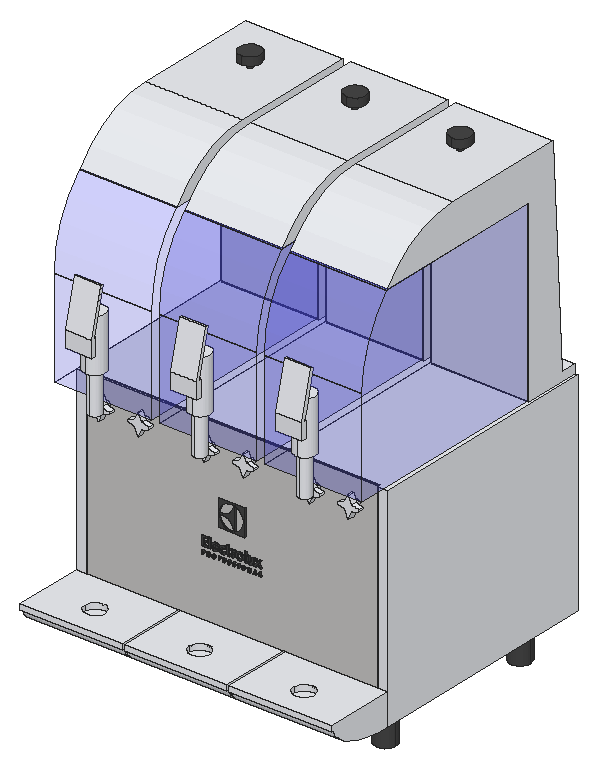
Revit family "QF_ELECTROLUXPROFESSIONAL_562530_IPRO3MLR290", category Attrezzature speciali, Revit 2020
Family settings
  Quota connettore circolare = Usa diametro
  Tipo di parte = Normale
  Basato su piano di lavoro = No
  Sempre verticale = Sì
  Taglio con vuoti quando caricato = No
  Condiviso = No
  Punto di calcolo locali = No
Parameters (values of type "Standard")
  Weight = 82.00 kg
  Watts = 1400 W
  Volts = 220 V
  URL Manufacturer = "https://www.electroluxprofessional.com/"
  URL = "https://www.electroluxprofessional.com/"
  Steam Supply Size = 0 mm
  Steam Supply Minimum Pressure = 0.0 Pa
  Steam Supply Maximum Pressure = 0.0 Pa
  Steam Consumption per Hour = 0
  Show Logo [instance] = yes
  Show Clearance [instance] = yes
  Refrigeration Suction Line Size = 0 mm
  Refrigeration Liquid Line Size = 0 mm
  Refrigerant Compressor Remote = yes
  Prospetto di default = 0 mm
  Produttore = "Electrolux Professional"
  Phase = 1
  Modello = "IPRO3MLR290"
  Length Actual = 600 mm  # constant formula
  Item Number = "562530"
  Hot Water Size = 0 mm
  Height Actual = 870 mm  # constant formula
  HP = "1.9 HP"
  Gas Size = 0 mm
  Gas KW = 0
  Gas Input Pressure = 0 W
  Direct Waste Size = 0 mm
  Descrizione = "3X11 LT BOWL - FROZEN GRANITA DISPENSER - MECHANICAL CONTROL & LIGHTED PANEL - 3 INSULATED BOWLS - WHITE, R290"
  Depth Actual = 580 mm  # constant formula
  Cycle = 50 Hz
  Condensate Return Size = 0 mm
  Compressed Air Volume = 0.0 L/s
  Compressed Air Size = 0 mm
  Compressed Air Pressure = 0.0 Pa
  Cold Water Size = 0 mm
  Accessory = yes
Reference planes
  plane 1: z = 0
  plane 2 "LEFT": x = -300
  plane 3 "BACK": y = 282.5
  plane 4 "FRONT": y = -301.5
  plane 5: z = 873
  plane 6 "RIGHT": x = 300
  plane 7: y = -282.5
  plane 8: z = 445
  plane 9: z = 677.97
  plane 10: z = 110
  plane 11: z = 900
  plane 12: x = -0.5
  plane 13: x = -0.5
Forms (mm)
  Extrusion 1, solid, material "QF_Finishes_White"
    sketch origin (0, 0, 0) x (1, 0, 0) y (0, 1, 0)
      loop
        line (-296.5, 282.5) -> (-296.5, -167.5) -> (-276.5, -167.5) -> (-276.5, -162.5) -> (276.5, -162.5) -> (276.5, -167.5) -> (296.5, -167.5) -> (296.5, 282.5) -> (-296.5, 282.5)
    from 50 to 453
  Extrusion 2, solid, material "QF_Finishes_Stainless Steel"
    sketch origin (0, 0, 0) x (1, 0, 0) y (0, 1, 0)
      loop
        line (276, -163) -> (-276, -163) -> (-276, -167.5) -> (276, -167.5) -> (276, -163)
    from 110 to 453
  Extrusion 3, solid, material "QF_Finishes_Stainless Steel"
    sketch origin (-151.596, -267.273, 48) x (0, -1, 0) y (1, 0, 0)
      loop
        line (-163.023, 407.596) -> (-163.023, 427.596) -> (-183.023, 427.596) -> (-183.023, 407.596) -> (-163.023, 407.596)
    from 0 to 2
Dimensions and locks
  plane 3 "BACK" to plane 4 "FRONT" = 584 mm  (x2)
  plane 5 to level = 873 mm  (x2)
  plane 2 "LEFT" to plane 6 "RIGHT" = 600 mm
  plane 3 "BACK" to plane 7 = 565 mm
  plane 9 to plane 8 = 232.97 mm
  level to plane 11 = 900 mm
  plane 10 to level = 110 mm
  plane 8 to plane 10 = 335 mm
  plane 6 "RIGHT" to plane 2 "LEFT" = 600 mm
  plane 2 "LEFT" to plane 12 = 299.5 mm
  plane 2 "LEFT" to plane 13 = 299.5 mm
  nested 5 to nested 9 = 200 mm
  nested 9 to nested 17 = 200 mm
  aligned and locked: level to plane 1
Nested families
  nested 1: "BOCCHETTONE BEVERAGE" at (-200.5, -260.625, 445), type "BOCCHETTONE BEVERAGE"
  nested 2: "MANOPOLA BEVERAGE" at (-238, -167.5, 413) x (0, 0, 1) z (0, -1, 0), type "MANOPOLA BEVERAGE"
  nested 3: "MANOPOLA BEVERAGE" at (-163, -167.5, 413) x (0, 0, 1) z (0, -1, 0), type "MANOPOLA BEVERAGE"
  nested 4: "MANOPOLA APERTURA BEVERAGE " at (-200.5, 125, 873) x (0, 1, 0) z (0, 0, 1), type "MANOPOLA APERTURA BEVERAGE "
  nested 5: "PORTAGRANITE BEVERAGE" at (-200.5, 28.972, 453), type "PORTAGRANITE BEVERAGE"
  nested 6: "VASCHETTA BEVERAGE" at (-199.25, -167.5, 80) x (1, 0, 0) z (0, -1, 0), type "VASCHETTA BEVERAGE"
  nested 7: "VASCHETTA BEVERAGE" at (-0.5, -167.5, 80) x (-1, 0, 0) z (0, -1, 0), type "VASCHETTA BEVERAGE"
  nested 8: "MANOPOLA APERTURA BEVERAGE " at (-0.5, 125, 873) x (0, 1, 0) z (0, 0, 1), type "MANOPOLA APERTURA BEVERAGE "
  nested 9: "PORTAGRANITE BEVERAGE" at (-0.5, 28.972, 453) x (-1, 0, 0) z (0, 0, 1), type "PORTAGRANITE BEVERAGE"
  nested 10: "BOCCHETTONE BEVERAGE" at (-0.5, -260.625, 445), type "BOCCHETTONE BEVERAGE"
  nested 11: "MANOPOLA BEVERAGE" at (-38, -167.5, 413) x (0, 0, 1) z (0, -1, 0), type "MANOPOLA BEVERAGE"
  nested 12: "MANOPOLA BEVERAGE" at (37, -167.5, 413) x (0, 0, 1) z (0, -1, 0), type "MANOPOLA BEVERAGE"
  nested 13: "BOCCHETTONE BEVERAGE" at (199.5, -260.625, 445) x (-1, 0, 0) z (0, 0, 1), type "BOCCHETTONE BEVERAGE"
  nested 14: "MANOPOLA BEVERAGE" at (237, -167.5, 413) x (0, 0, 1) z (0, -1, 0), type "MANOPOLA BEVERAGE"
  nested 15: "MANOPOLA BEVERAGE" at (162, -167.5, 413) x (0, 0, 1) z (0, -1, 0), type "MANOPOLA BEVERAGE"
  nested 16: "MANOPOLA APERTURA BEVERAGE " at (199.5, 125, 873) x (0, 1, 0) z (0, 0, 1), type "MANOPOLA APERTURA BEVERAGE "
  nested 17: "PORTAGRANITE BEVERAGE" at (199.5, 28.972, 453) x (-1, 0, 0) z (0, 0, 1), type "PORTAGRANITE BEVERAGE"
  nested 18: "VASCHETTA BEVERAGE" at (198.25, -167.5, 80) x (-1, 0, 0) z (0, -1, 0), type "VASCHETTA BEVERAGE"
  nested 19: "ELXP_LOGO_ONLY_MEDIUM" at (-0.5, -167.5, 303) x (1, 0, 0) z (0, -1, 0), Show Logo <- "Show Logo", visible <- "Show Logo", type "ELXP_LOGO_ONLY_MEDIUM"
    with Show Logo yes
  nested 20: "ELX_LOGO_WORDS_MEDIUM" at (-0.5, -167.5, 238) x (1, 0, 0) z (0, -1, 0), visible <- "Show Logo", Show Logo <- "Show Logo", type "ELX_LOGO_WORDS_MEDIUM"
    with Show Logo yes
  nested 21: "Piedino 50x40 BEVERAGE" at (-266, 184.5, 0), type "Piedino 50x40 BEVERAGE"
    with H 150 mm
  nested 22: "Piedino 50x40 BEVERAGE" at (-266, -135.5, 0), type "Piedino 50x40 BEVERAGE"
    with H 150 mm
  nested 23: "Piedino 50x40 BEVERAGE" at (266, 184.5, 0), type "Piedino 50x40 BEVERAGE"
    with H 150 mm
  nested 24: "Piedino 50x40 BEVERAGE" at (266, -135.5, 0), type "Piedino 50x40 BEVERAGE"
    with H 150 mm
Connectors
  electrical at (266, -94.25, 48), driven by "Volts"
    settings: on Extrusion 3, index 73, voltage 220 V, apparent load 0 VA, apparent load phase1 0 VA, apparent load phase2 0 VA, apparent load phase3 0 VA, power factor 1, load classification "Altro", number of poles 1, system type 30, power factor state 1, is connector primary yes, connector utility no, sub classification motor no, connector description "Electrical Connection"
Definition of nested family "BOCCHETTONE BEVERAGE"
  Parameters (values of type "BOCCHETTONE BEVERAGE")
    Default Elevation = 1219.2 mm
  Reference planes
    plane 1 "Centro (Fronte/Retro)": y = 0
    plane 2: z = 0
    plane 3 "Centro (Sinistra/Destra)": x = 0
    plane 4: z = 233
    plane 5: y = -22
  Forms (mm)
    Extrusion 1, solid
      sketch origin (0, 0, 0) x (1, 0, 0) y (0, 1, 0)
        loop
          line (-1219.2, 1219.2) -> (-1219.2, -1219.2) -> (1219.2, -1219.2) -> (1219.2, 1219.2) -> (-1219.2, 1219.2)
      from 0 to -304.8
    Extrusion 2, solid
      sketch origin (0, 15.961, 0) x (0, -1, 0) y (1, 0, 0)
        loop
          circle (0, 0) r 12
      from 0 to 75
    Extrusion 3, solid
      sketch origin (0, 15.961, 75) x (0, -1, 0) y (1, 0, 0)
        loop
          circle (0, 0) r 20
      from 0 to 100
    Extrusion 4, void
      sketch origin (0, 0, 0) x (1, 0, 0) y (0, 1, 0)
        loop
          line (-27.179, -16.141) -> (-21.226, -10.188) -> (-6.226, -10.188) -> (-6.226, 12.684) -> (-27.179, 12.684) -> (-27.179, -16.141)
        loop
          line (27.179, -16.141) -> (27.179, 12.684) -> (6.226, 12.684) -> (6.226, -10.188) -> (21.226, -10.188) -> (27.179, -16.141)
      from 104.337 to 159.894
    Extrusion 5, solid
      sketch origin (25, 15.961, 29.221) x (0, -1, 0) y (0, 0, 1)
        loop
          line (11.922, 118.779) -> (11.922, 88.779) -> (37.961, 88.779) -> (37.961, 119.393) -> (16.929, 203.749) -> (12.077, 202.539) -> (32.961, 118.779) -> (11.922, 118.779)
      from 0 to 50
  Cuts and joins
    Extrusion 4 cuts Extrusion 5
    joined: Extrusion 3, Extrusion 5
  Dimensions and locks
    Extrusion 1 to plane 4 = 233 mm
    aligned and locked: plane 2 to Extrusion 1
    aligned and locked: level to Extrusion 1
Definition of nested family "MANOPOLA BEVERAGE"
  Parameters (values of type "MANOPOLA BEVERAGE")
    Default Elevation = 1219.2 mm
  Reference planes
    plane 1 "Centro (Fronte/Retro)": y = 0
    plane 2: z = 0
    plane 3 "Centro (Sinistra/Destra)": x = 0
    plane 4: z = 20
  Forms (mm)
    Extrusion 1, solid
      sketch origin (0, 0, 0) x (1, 0, 0) y (0, 1, 0)
        loop
          line (-1219.2, 1219.2) -> (-1219.2, -1219.2) -> (1219.2, -1219.2) -> (1219.2, 1219.2) -> (-1219.2, 1219.2)
      from 0 to -304.8
    Extrusion 2, solid
      sketch origin (0, 0, 10) x (1, 0, 0) y (0, 1, 0)
        loop
          line (-20, -1.333) -> (-6.314, -6.314) -> (-1.333, -20) -> (1.333, -20) -> (6.314, -6.314) -> (20, -1.333) -> (20, 1.333) -> (6.314, 6.314) -> (1.333, 20) -> (-1.333, 20) -> (-6.314, 6.314) -> (-20, 1.333) -> (-20, -1.333)
      from 0 to 10
    Extrusion 3, solid
      sketch origin (0, 0, 0) x (1, 0, 0) y (0, 1, 0)
        loop
          circle (0, 0) r 5
      from 0 to 10
  Dimensions and locks
    aligned and locked: plane 2 to Extrusion 1
    aligned and locked: level to Extrusion 1
Definition of nested family "MANOPOLA APERTURA BEVERAGE "
  Parameters (values of type "MANOPOLA APERTURA BEVERAGE ")
    Default Elevation = 1219.2 mm
  Reference planes
    plane 1 "Centro (Fronte/Retro)": y = 0
    plane 2: z = 0
    plane 3 "Centro (Sinistra/Destra)": x = 0
    plane 4: z = 27
  Forms (mm)
    Extrusion 1, solid
      sketch origin (0, 0, 0) x (1, 0, 0) y (0, 1, 0)
        loop
          line (-1219.2, 1219.2) -> (-1219.2, -1219.2) -> (1219.2, -1219.2) -> (1219.2, 1219.2) -> (-1219.2, 1219.2)
      from 0 to -304.8
    Extrusion 2, solid
      sketch origin (0, 0, 0) x (1, 0, 0) y (0, 1, 0)
        loop
          circle (0, 0) r 5
      from 0 to 12
    Extrusion 3, solid
      sketch origin (0, 0, 12) x (1, 0, 0) y (0, 1, 0)
        loop
          circle (0, 0) r 20
      from 0 to 15
  Dimensions and locks
    Extrusion 1 to plane 4 = 27 mm
    aligned and locked: plane 2 to Extrusion 1
    aligned and locked: level to Extrusion 1
Definition of nested family "PORTAGRANITE BEVERAGE"
  Parameters (values of type "PORTAGRANITE BEVERAGE")
    Default Elevation = 1219.2 mm
  Reference planes
    plane 1 "Centro (Fronte/Retro)": y = 0
    plane 2: z = 0
    plane 3 "Centro (Sinistra/Destra)": x = 0
    plane 4: z = 233
    plane 5: y = -36.472
    plane 6: z = 338
  Forms (mm)
    Extrusion 1, solid
      sketch origin (0, 0, 0) x (1, 0, 0) y (0, 1, 0)
        loop
          line (-1219.2, 1219.2) -> (-1219.2, -1219.2) -> (1219.2, -1219.2) -> (1219.2, 1219.2) -> (-1219.2, 1219.2)
      from 0 to -304.8
    Extrusion 2, solid
      sketch origin (-92.5, -28.972, -376) x (0, 1, 0) y (0, 0, 1)
        loop
          line (172.5, 716) -> (172.5, 376) -> (282.5, 376) -> (282.5, 393) -> (251.241, 393) -> (230.12, 796) -> (-7.5, 796)
          arc (-7.5, 796) -> (-94.678, 774.819) -> (-162.419, 716) r 190
          line (-162.419, 716) -> (172.5, 716)
      from 0 to 185
    Extrusion 3, solid
      sketch origin (-100, -28.972, -376) x (0, 1, 0) y (0, 0, 1)
        loop
          line (170.5, 378) -> (170.5, 714) -> (-164.355, 714)
          arc (-164.355, 714) -> (-209.023, 644.734) -> (-224.664, 563.812) r 217.164
          line (-224.664, 563.812) -> (-224.664, 378) -> (170.5, 378)
      from 7.5 to 192.5
  Dimensions and locks
    Extrusion 1 to plane 4 = 233 mm
    aligned and locked: plane 2 to Extrusion 1
    aligned and locked: level to Extrusion 1
Definition of nested family "VASCHETTA BEVERAGE"
  Parameters (values of type "VASCHETTA BEVERAGE")
    Default Elevation = 1219.2 mm
  Reference planes
    plane 1 "Centro (Fronte/Retro)": y = 0
    plane 2: z = 0
    plane 3 "Centro (Sinistra/Destra)": x = 0
  Forms (mm)
    Extrusion 1, solid
      sketch origin (0, 0, 0) x (1, 0, 0) y (0, 1, 0)
        loop
          line (-1219.2, 1219.2) -> (-1219.2, -1219.2) -> (1219.2, -1219.2) -> (1219.2, 1219.2) -> (-1219.2, 1219.2)
      from 0 to -304.8
    Extrusion 2, solid
      sketch origin (-97.5, -80, -167.5) x (0, 0, -1) y (0, 1, 0)
        loop
          line (-167.5, 110) -> (-301.5, 110) -> (-301.5, 100) -> (-296.403, 100)
          spline (-296.403, 100) -> (-294.717, 93.399) -> (-290.961, 86.937) -> (-285.195, 80.722) -> (-277.513, 74.853) -> (-268.041, 69.426) -> (-256.932, 64.529) -> (-244.367, 60.243) -> (-230.551, 56.637) -> (-215.709, 53.769) -> (-200.082, 51.686) -> (-183.925, 50.423) -> (-167.5, 50)
          line (-167.5, 50) -> (-167.5, 110)
      from 0 to 195
    Extrusion 3, void
      sketch origin (202.5, -80, -167.5) x (1, 0, 0) y (0, 0, -1)
        loop
          circle (-202.5, -244.664) r 20
      from 100 to 110
  Cuts and joins
    Extrusion 3 cuts Extrusion 2
  Dimensions and locks
    aligned and locked: plane 2 to Extrusion 1
    aligned and locked: level to Extrusion 1
Definition of nested family "ELXP_LOGO_ONLY_MEDIUM"
  Parameters (values of type "ELXP_LOGO_ONLY_MEDIUM")
    Show Logo [instance] = yes
    Default Elevation = 0 mm
  Reference planes
    plane 1 "Centro (Fronte/Retro)": y = 0
    plane 2: z = 0
    plane 3 "Centro (Sinistra/Destra)": x = 0
  Forms (mm)
    Extrusion 1, solid
      sketch origin (0, 0, 0) x (1, 0, 0) y (0, 1, 0)
        loop
          line (-1219.2, 1219.2) -> (-1219.2, -1219.2) -> (1219.2, -1219.2) -> (1219.2, 1219.2) -> (-1219.2, 1219.2)
      from 0 to -304.8
    Extrusion 2, solid, visible <- "Show Logo"
      sketch origin (15.862, -72.798, 0) x (1, 0, 0) y (0, 1, 0)
        loop
          line (-40.901, 47.952) -> (9.138, 47.952) -> (9.138, 97.923) -> (-40.901, 97.923) -> (-40.901, 47.952)
        loop
          line (-9.2, 95.47) -> (-9.2, 50.507)
          arc (-9.2, 50.507) -> (7.421, 72.988) -> (-9.2, 95.47) r 23.515
        loop
          line (-11.486, 92.214) -> (-11.486, 95.47)
          arc (-11.486, 95.47) -> (-30.185, 91.22) -> (-39.194, 74.292) r 23.044
          line (-39.194, 74.292) -> (-31.756, 74.292)
          arc (-31.756, 74.292) -> (-18.467, 79.686) -> (-11.486, 92.214) r 21.599
        loop
          arc (-39.194, 71.685) -> (-30.2, 54.618) -> (-11.486, 49.93) r 23.647
          line (-11.486, 49.93) -> (-11.486, 53.763)
          arc (-11.486, 53.763) -> (-18.467, 66.291) -> (-31.756, 71.685) r 21.599
          line (-31.756, 71.685) -> (-39.194, 71.685)
      from 0 to 1.644
  Dimensions and locks
    aligned and locked: plane 2 to Extrusion 1
    aligned and locked: level to Extrusion 1
Definition of nested family "ELX_LOGO_WORDS_MEDIUM"
  Parameters (values of type "ELX_LOGO_WORDS_MEDIUM")
    Show Logo [instance] = yes
    Default Elevation = 0 mm
  Reference planes
    plane 1 "Centro (Fronte/Retro)": y = 0
    plane 2: z = 0
    plane 3 "Centro (Sinistra/Destra)": x = 0
  Forms (mm)
    Extrusion 1, solid
      sketch origin (0, 0, 0) x (1, 0, 0) y (0, 1, 0)
        loop
          line (-1219.2, 1219.2) -> (-1219.2, -1219.2) -> (1219.2, -1219.2) -> (1219.2, 1219.2) -> (-1219.2, 1219.2)
      from 0 to -304.8
    Extrusion 2, solid, visible <- "Show Logo"
      sketch origin (0, 0, 0) x (1, 0, 0) y (0, 1, 0)
        loop
          line (-45.351, 15.842) -> (-56.505, 15.842) -> (-56.505, 2.853)
          arc (-56.505, 2.853) -> (-55.037, -0.691) -> (-51.493, -2.159) r 5.012
          line (-51.493, -2.159) -> (-45.135, -2.159) -> (-45.135, 0.755) -> (-50.767, 0.755)
          arc (-50.767, 0.755) -> (-52.618, 1.38) -> (-53.406, 3.168) r 2.423
          line (-53.406, 3.168) -> (-53.406, 5.743) -> (-45.833, 5.743) -> (-45.833, 8.668) -> (-53.406, 8.668) -> (-53.406, 12.925) -> (-45.351, 12.925) -> (-45.351, 15.842)
        loop
          line (-42.933, 15.842) -> (-42.933, -2.159) -> (-39.832, -2.159) -> (-39.832, 15.842) -> (-42.933, 15.842)
        loop
          line (24.405, 15.842) -> (24.405, -2.159) -> (27.508, -2.159) -> (27.508, 15.842) -> (24.405, 15.842)
        loop
          line (-34.705, 3.589) -> (-24.531, 3.589)
          arc (-24.531, 3.589) -> (-26.123, 9.178) -> (-31.565, 11.217) r 6.447
          arc (-31.565, 11.217) -> (-36.358, 8.786) -> (-37.726, 3.589) r 6.56
          arc (-37.726, 3.589) -> (-35.926, -0.757) -> (-31.58, -2.557) r 6.146
          arc (-31.58, -2.557) -> (-28.198, -2.058) -> (-25.362, -0.149) r 7.726
          line (-25.362, -0.149) -> (-27.199, 1.688)
          arc (-27.199, 1.688) -> (-29.61, 0.242) -> (-32.411, 0.485) r 4.558
          arc (-32.411, 0.485) -> (-34.119, 1.622) -> (-34.705, 3.589) r 3.019
        loop
          line (-34.628, 5.769) -> (-27.646, 5.769)
          arc (-27.646, 5.769) -> (-28.626, 7.83) -> (-30.779, 8.59) r 2.974
          arc (-30.779, 8.59) -> (-33.263, 7.943) -> (-34.628, 5.769) r 3.481
        loop
          line (-12.445, 7.067) -> (-10.499, 9.013)
          arc (-10.499, 9.013) -> (-12.94, 10.78) -> (-15.907, 11.309) r 6.746
          arc (-15.907, 11.309) -> (-20.432, 9.655) -> (-22.806, 5.463) r 6.977
          arc (-22.806, 5.463) -> (-18.803, -1.885) -> (-10.608, -0.191) r 7.026
          line (-10.608, -0.191) -> (-12.544, 1.745)
          arc (-12.544, 1.745) -> (-16.723, 0.362) -> (-19.717, 3.589) r 4.071
          arc (-19.717, 3.589) -> (-19.509, 6.14) -> (-17.752, 8.002) r 3.867
          arc (-17.752, 8.002) -> (-14.941, 8.431) -> (-12.445, 7.067) r 4.442
        loop
          line (-8.594, 15.842) -> (-8.594, 3.541)
          arc (-8.594, 3.541) -> (-8.326, 1.695) -> (-7.635, -0.038) r 7.951
          arc (-7.635, -0.038) -> (-5.422, -1.797) -> (-2.62, -2.167) r 5.297
          line (-2.62, -2.167) -> (-2.62, 0.738)
          arc (-2.62, 0.738) -> (-3.453, 0.802) -> (-4.23, 1.109) r 2.792
          arc (-4.23, 1.109) -> (-5.227, 2.163) -> (-5.494, 3.589) r 2.57
          line (-5.494, 3.589) -> (-5.494, 8.043) -> (-2.678, 8.043) -> (-2.678, 10.86) -> (-5.494, 10.86) -> (-5.494, 15.842) -> (-8.594, 15.842)
        loop
          arc (3.006, 4.684) -> (3.228, 5.982) -> (3.868, 7.133) r 3.911
          arc (3.868, 7.133) -> (5.725, 8.086) -> (7.812, 8.043) r 4.26
          line (7.812, 8.043) -> (7.812, 11.023)
          arc (7.812, 11.023) -> (5.085, 10.766) -> (3.006, 8.983) r 4.524
          line (3.006, 8.983) -> (3.006, 10.86) -> (-0.069, 10.86) -> (-0.069, -2.159) -> (3.006, -2.159) -> (3.006, 4.684)
        loop
          circle (15.393, 4.348) r 6.899
        loop
          circle (15.393, 4.348) r 4.181
        loop
          arc (38.69, 3.262) -> (37.924, 1.158) -> (35.848, 0.319) r 2.752
          arc (35.848, 0.319) -> (33.771, 1.158) -> (33.005, 3.262) r 2.752
          line (33.005, 3.262) -> (33.005, 10.859) -> (29.879, 10.859) -> (29.879, 3.004)
          arc (29.879, 3.004) -> (31.658, -1.052) -> (35.848, -2.489) r 5.512
          arc (35.848, -2.489) -> (40.084, -1.008) -> (41.815, 3.132) r 5.512
          line (41.815, 3.132) -> (41.815, 10.859) -> (38.69, 10.859) -> (38.69, 3.262)
        loop
          line (43.689, 10.859) -> (48.192, 4.746) -> (43.245, -2.164) -> (46.578, -2.164) -> (49.861, 2.422) -> (53.193, -2.164) -> (56.505, -2.164) -> (51.629, 4.817) -> (56.087, 10.859) -> (52.703, 10.859) -> (49.851, 6.995) -> (47.043, 10.859) -> (43.689, 10.859)
        loop
          line (-53.813, -9.621) -> (-56.285, -9.621) -> (-56.285, -15.847) -> (-54.932, -15.847) -> (-54.932, -13.703) -> (-53.437, -13.703)
          arc (-53.437, -13.703) -> (-51.764, -11.49) -> (-53.813, -9.621) r 2.058
        loop
          arc (-53.496, -12.48) -> (-52.984, -11.679) -> (-53.496, -10.879) r 0.881
          line (-53.496, -10.879) -> (-54.932, -10.879) -> (-54.932, -12.48) -> (-53.496, -12.48)
        loop
          line (-44.045, -9.621) -> (-46.56, -9.621) -> (-46.56, -15.847) -> (-45.207, -15.847) -> (-45.207, -13.703) -> (-43.898, -13.703) -> (-43.003, -15.847) -> (-41.55, -15.847) -> (-42.774, -13.222)
          arc (-42.774, -13.222) -> (-42.188, -12.521) -> (-41.991, -11.628) r 1.922
          arc (-41.991, -11.628) -> (-42.609, -10.206) -> (-44.045, -9.621) r 2.055
        loop
          line (-45.207, -10.879) -> (-45.207, -12.48) -> (-43.771, -12.48)
          arc (-43.771, -12.48) -> (-43.258, -11.679) -> (-43.771, -10.879) r 0.881
          line (-43.771, -10.879) -> (-45.207, -10.879)
        loop
          circle (-33.602, -12.734) r 3.233
        loop
          circle (-33.602, -12.734) r 2.052
        loop
          line (-25.054, -9.622) -> (-25.054, -15.847) -> (-23.734, -15.847) -> (-23.734, -13.671) -> (-21.392, -13.671) -> (-21.392, -12.276) -> (-23.734, -12.276) -> (-23.734, -10.963) -> (-21.167, -10.963) -> (-21.167, -9.622) -> (-25.054, -9.622)
        loop
          line (-15.917, -9.622) -> (-15.917, -13.825)
          arc (-15.917, -13.825) -> (-15.343, -15.249) -> (-13.926, -15.842) r 1.991
          line (-13.926, -15.842) -> (-11.917, -15.842) -> (-11.917, -14.666) -> (-13.806, -14.666)
          arc (-13.806, -14.666) -> (-14.501, -14.091) -> (-14.638, -13.198) r 1.267
          line (-14.638, -13.198) -> (-12.15, -13.198) -> (-12.15, -12.023) -> (-14.638, -12.023) -> (-14.638, -10.797) -> (-11.977, -10.797) -> (-11.977, -9.622) -> (-15.917, -9.622)
        loop
          arc (6.626, -10.41) -> (5.801, -9.733) -> (4.757, -9.518) r 2.228
          arc (4.757, -9.518) -> (3.792, -9.755) -> (2.999, -10.352) r 2.468
          arc (2.999, -10.352) -> (2.853, -11.766) -> (3.765, -12.856) r 1.825
          arc (3.765, -12.856) -> (4.531, -13.112) -> (5.259, -13.464) r 6.301
          arc (5.259, -13.464) -> (5.719, -14.005) -> (5.402, -14.641) r 0.645
          arc (5.402, -14.641) -> (4.814, -14.78) -> (4.228, -14.631) r 1.269
          arc (4.228, -14.631) -> (3.722, -14.266) -> (3.412, -13.725) r 1.474
          line (3.412, -13.725) -> (2.324, -14.233)
          arc (2.324, -14.233) -> (2.716, -14.99) -> (3.348, -15.561) r 2.393
          arc (3.348, -15.561) -> (4.065, -15.867) -> (4.841, -15.945) r 2.579
          arc (4.841, -15.945) -> (5.8, -15.754) -> (6.664, -15.295) r 3.369
          arc (6.664, -15.295) -> (7.045, -14.28) -> (6.848, -13.214) r 2.023
          arc (6.848, -13.214) -> (6.423, -12.723) -> (5.879, -12.368) r 2.346
          arc (5.879, -12.368) -> (5.19, -12.061) -> (4.485, -11.796) r 12.353
          arc (4.485, -11.796) -> (4.077, -11.162) -> (4.666, -10.692) r 0.562
          arc (4.666, -10.692) -> (5.372, -10.862) -> (5.915, -11.344) r 1.497
          line (5.915, -11.344) -> (6.626, -10.41)
        loop
          line (12.337, -9.622) -> (12.337, -15.842) -> (13.616, -15.842) -> (13.616, -9.622) -> (12.337, -9.622)
        loop
          circle (22.24, -12.732) r 1.935
        loop
          circle (22.24, -12.732) r 3.231
        loop
          line (30.821, -15.842) -> (32.114, -15.842) -> (32.114, -11.931) -> (34.96, -15.842) -> (36.203, -15.842) -> (36.203, -9.622) -> (34.911, -9.622) -> (34.911, -13.651) -> (32.065, -9.622) -> (30.821, -9.622) -> (30.821, -15.842)
        loop
          line (42.652, -15.842) -> (43.258, -14.5) -> (45.559, -14.5) -> (46.165, -15.842) -> (47.54, -15.842) -> (44.912, -9.622) -> (43.712, -9.622) -> (41.279, -15.842) -> (42.652, -15.842)
        loop
          line (44.985, -13.224) -> (44.369, -11.857) -> (43.77, -13.224) -> (44.985, -13.224)
        loop
          line (53.893, -14.666) -> (53.893, -9.622) -> (52.614, -9.622) -> (52.614, -15.842) -> (56.285, -15.842) -> (56.285, -14.666) -> (53.893, -14.666)
        loop
          arc (-2.701, -10.41) -> (-3.525, -9.733) -> (-4.57, -9.518) r 2.228
          arc (-4.57, -9.518) -> (-5.534, -9.755) -> (-6.327, -10.352) r 2.468
          arc (-6.327, -10.352) -> (-6.473, -11.766) -> (-5.562, -12.856) r 1.825
          arc (-5.562, -12.856) -> (-4.795, -13.112) -> (-4.067, -13.464) r 6.301
          arc (-4.067, -13.464) -> (-3.608, -14.005) -> (-3.924, -14.641) r 0.645
          arc (-3.924, -14.641) -> (-4.512, -14.78) -> (-5.098, -14.631) r 1.269
          arc (-5.098, -14.631) -> (-5.604, -14.266) -> (-5.914, -13.725) r 1.474
          line (-5.914, -13.725) -> (-7.002, -14.233)
          arc (-7.002, -14.233) -> (-6.61, -14.99) -> (-5.978, -15.561) r 2.393
          arc (-5.978, -15.561) -> (-5.261, -15.867) -> (-4.485, -15.945) r 2.579
          arc (-4.485, -15.945) -> (-3.526, -15.754) -> (-2.663, -15.295) r 3.369
          arc (-2.663, -15.295) -> (-2.281, -14.28) -> (-2.478, -13.214) r 2.023
          arc (-2.478, -13.214) -> (-2.903, -12.723) -> (-3.448, -12.368) r 2.346
          arc (-3.448, -12.368) -> (-4.136, -12.061) -> (-4.842, -11.796) r 12.353
          arc (-4.842, -11.796) -> (-5.249, -11.162) -> (-4.66, -10.692) r 0.562
          arc (-4.66, -10.692) -> (-3.954, -10.862) -> (-3.412, -11.344) r 1.497
          line (-3.412, -11.344) -> (-2.701, -10.41)
      from 0 to 1.644
  Dimensions and locks
    aligned and locked: plane 2 to Extrusion 1
    aligned and locked: level to Extrusion 1
Definition of nested family "Piedino 50x40 BEVERAGE"
  Parameters (values of type "Piedino 50x40 BEVERAGE")
    Default Elevation = 0 mm
    H [instance] = 150 mm
  Reference planes
    plane 1 "Centro (Fronte/Retro)": y = 0
    plane 2: z = 0
    plane 3 "Centro (Sinistra/Destra)": x = 0
  Forms (mm)
    Revolve 1, solid
      sketch origin (55, 0, 0) x (-1, 0, 0) y (0, 0, -1)
        loop
          line (55, 0) -> (35, 0) -> (35, -50) -> (55, -50) -> (55, 0)
        axis (55, 0) -> (55, -50)
      angle from 0 to 360
  Dimensions and locks
    aligned and locked: level to plane 2
